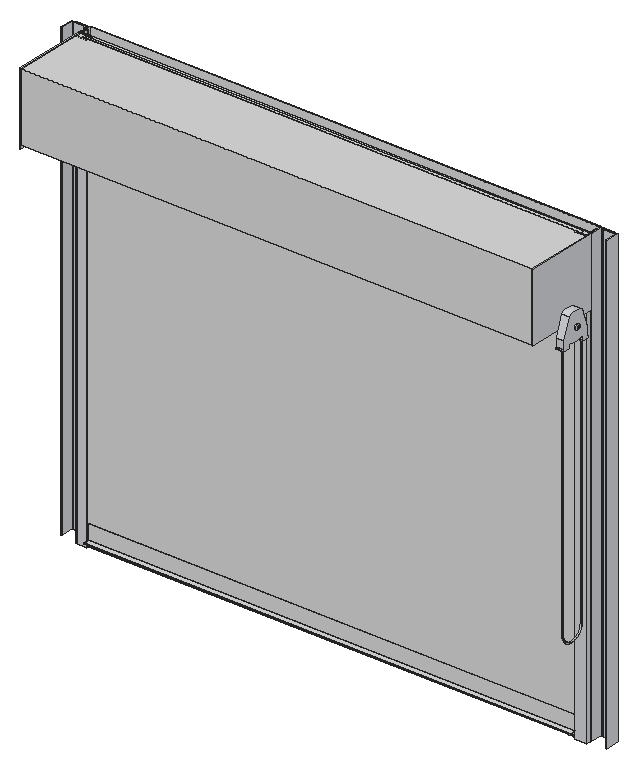
Revit family "Door-Thermiser_BetweenJambMount_CornellIron", category Doors, host Wall, Revit 2013
Parameters (values of type "Hand-Chain Operated Aluminum, clear anodized finish")
  Sizing Disclaimer = "30’ wide, 30’ high standard construction. Large Openings to 38’ wide, 40’ high consult factory. "  # constant formula
  Revit Object Download Link = "http://cornellcookson.smartbim.com/download/Door_Thermiser_BetweenJambMount_CornellIron"
  Product Options = "Insulated Doors muffle unwanted sound. STC 27"  # constant formula
  Optional Operator Cover Right = no
  Optional Operator Cover Left = no
  Mounting = "Between Jambs"  # constant formula
  URL Specifications = "http://www.cornelliron.com/docs/default-source/Specifications/specification_thermiser_insulated_service_doors_cornell.doc?sfvrsn=5"
  URL Photographs = "http://www.cornelliron.com/inspiration-customization/project-gallery"
  URL CAD = "http://www.cornelliron.com/architect-tools-and-resources/drawing-generator"
  Motor Operator = no
  Function = Interior
  Curtain 3" slats filled w. 7/8" insulation = Aluminum, clear anodized finish (curtain only)
  Hand Chain = yes
  Bottom Bar = Aluminum, clear anodized finish (non curtain components)
  Guides = Aluminum, clear anodized finish (non curtain components)
  Hood = Aluminum, clear anodized finish (non curtain components)
  URL = "http://www.cornelliron.com/product/thermiser-insulated-doors"
  Subcategory = "Overhead Doors"  # constant formula
  Optional aluminum, color anodized finish = no
  Wall Construction = "Masonry, Steel or Wood"  # constant formula
  Operator = Operator : Hand-Chain
  Representative Disclaimer = "Cornell products are sold and installed through a nationwide network of independent distributors."  # constant formula
  Distributor Locator = "http://www.cornelliron.com/contact-us"
  Operator Width = (Width - 2 * 0' 3 1/4") + 0' 3 7/16" * 2  # 12' - 0 3/8"
  Operation = ""
  From Coil Side Operate on Right = yes
  From Coil Side Operate on Left = not(From Coil Side Operate on Right)  # no
  Model = "ESD20 "  # constant formula
  Manufacturer = "Cornell Iron Works"  # constant formula
  LEED Information = "http://www.cornelliron.com/architect-tools-and-resources/leed-information"
  Height = 10' - 0"
  Wall Closure = By host
  Width = 12' - 0"
  Description = "Built to order Thermiser® insulated rolling doors maintain different temperatures on each side of the door. "  # constant formula
  Operator Height = Height / 1.5  # 6' - 8"
  Assembly Code = "B2030410"
  Air Infiltration / Code Compliance = "Complies with ASHRAE 90.1 and 2012 IECC® (International Energy Conservation Code) requirements or less than .3 CFM/FT2.  Air infiltration rate of .27 CFM/FT2 validated by an independent testing agency for Face of Wall mounting configuration.  Test report to be made available upon request."  # constant formula
  ASHRAE and IECC 2012 Compliance = "Foam Block in Guides with Lintel Seal inserted with Vinyl.  Meets ASHRAE 90.1 and IECC 2012 air infitration requirements of less than .3 CFM/FT2.  (Face of Wall mounted configuration. Test results available upon request.)"  # constant formula
  95 CSI = "08330"  # constant formula
  Windload = "A full range of specific wind load requirements available- Consult Cornell. "  # constant formula
  Sound Transmission Class Rating = "The Sound Transmission Class (STC) rating for Thermise Max is up to 30 for the curtain and up to 22 for the entire assembly, as tested per ASTM E90, based on testing a complete, operable assembly. STC 32 Superimposed/double insulated curtain assemblies (also available) are tested per ASTM E90, based on testing a complete, operable door assembly."  # constant formula
  Optional Powder Coated Finish, standard RAL colors, Galv. Steel and Aluminum only = no
  Coil Dimension Note = "17” to 30” -  Consult Cornell when dimensions are critical."  # constant formula
  Jamb Dimension Note = "7 3/4” to 11” wide. Consult Cornell when dimensions are critical."  # constant formula
  04 CSI = "08 33 00"  # constant formula
  Cost Note = "Based on size, materials selected. Consult Cornell."  # constant formula
Types (8): name | Motor Operator | Curtain 3" slats filled w. 7/8" insulation | Hand Chain | Bottom Bar | Guides | Hood | Operator | From Coil Side Operate on Right | From Coil Side Operate on Left
  Hand-Chain Operated Galvanized Steel | no | Galvanized steel (curtain only) | yes | Galvanized or powder coated plain steel (non curtain components) | Galvanized or powder coated plain steel (non curtain components) | Galvanized or powder coated plain steel (non curtain components) | Operator : Hand-Chain | yes | no
  Hand-Chain Operated Stainless steel | no | none | yes | Stainless steel (non curtain components) | Stainless steel (non curtain components) | Stainless steel (non curtain components) | Operator : Hand-Chain | yes | no
  Motor Operated Galvanized Steel | yes | Galvanized steel (curtain only) | no | Galvanized or powder coated plain steel (non curtain components) | Galvanized or powder coated plain steel (non curtain components) | Galvanized or powder coated plain steel (non curtain components) | Operator : Motor Operator | yes | no
  Motor Operated Stainless Steel | yes | none | no | Stainless steel (non curtain components) | Stainless steel (non curtain components) | Stainless steel (non curtain components) | Operator : Motor Operator | no | yes
  Hand-Chain Operated Aluminum, mill finish | no | Aluminum, mill finish (curtain only) | yes | Aluminum, mill finish (non curtain components) | Aluminum, mill finish (non curtain components) | Aluminum, mill finish (non curtain components) | Operator : Hand-Chain | yes | no
  Hand-Chain Operated Aluminum, clear anodized finish | no | Aluminum, clear anodized finish (curtain only) | yes | Aluminum, clear anodized finish (non curtain components) | Aluminum, clear anodized finish (non curtain components) | Aluminum, clear anodized finish (non curtain components) | Operator : Hand-Chain | yes | no
  Motor Operated Aluminum, clear anodized finish | yes | Aluminum, clear anodized finish (curtain only) | no | Aluminum, clear anodized finish (non curtain components) | Aluminum, clear anodized finish (non curtain components) | Aluminum, clear anodized finish (non curtain components) | Operator : Motor Operator | yes | no
  Motor Operated Aluminum, mill finish | yes | Aluminum, mill finish (curtain only) | no | Aluminum, mill finish (non curtain components) | Aluminum, mill finish (non curtain components) | Aluminum, mill finish (non curtain components) | Operator : Motor Operator | yes | no
Reference planes (in)
  plane 1 "Center (Front/Back)": y = 0
  plane 2 "Center (Left/Right)": x = 36
  plane 3 "Left": x = -36
  plane 4 "Right": x = 108
  plane 5 "Top": z = 120
  plane 6 "Wall Edge": y = -4
  plane 7 "Left Edge of Hood": x = -42.75
  plane 8: y = -4
  plane 9 "Right Edge of Hood": x = 114.75
  plane 10 "Bottom Bar Alignment": y = -5.8765
  plane 11: y = -2.12013
  plane 12: x = -29.74865
  plane 13: x = 101.74865
  plane 14: x = -31.0625
  plane 15: z = 5.53516
  plane 16: x = 105.75
  plane 17: y = -11.65733
  plane 18: y = -19.31465
  plane 19: z = 102
  plane 20: x = -39
  plane 21: y = -33.25
  plane 22: y = -21.875
  plane 23: y = -1.12488
  plane 24: z = 102
  plane 25: y = -5.5
Forms (in)
  Sweep 1, solid, material "Aluminum, clear anodized finish (non curtain components)" <- "Hood"
    path origin (0, -4, -11) x (-1, 0, 0) y (0, 0, 1)
      loop
        line (-103.4375, 124.35156) -> (31.438, 124.35156)
    profile "Profile_Hood : Profile_Hood" origin (35.99975, -4, 113.35156) x (0, 0, 1) y (0, 1, 0)
      loop
        line (6.64844, -17.875) -> (6.64844, 1.875) -> (-11.35156, 1.875) -> (-11.35156, -17.875) -> (6.64844, -17.875)
  Sweep 2, solid, material "Aluminum, clear anodized finish (non curtain components)" <- "Bottom Bar"
    path origin (-37.26514, -4, 47.99916) x (-1, 0, 0) y (0, 0, 1)
      loop
        line (-137.51514, -48) -> (-9.01514, -48)
    profile "Profile_BottomBar : Profile_BottomBar" origin (36, -4, -0.00084) x (0, 0, 1) y (0, 1, 0)
      loop
        line (1.84214, 1.28791) -> (1.60324, 2.77486)
        arc (1.60324, 2.77486) -> (1.57787, 2.80943) -> (1.535, 2.80903) r 0.047
        line (1.535, 2.80903) -> (1.535, 2.61332) -> (1.75124, 1.26741) -> (0.453, 1.26741)
        arc (0.453, 1.26741) -> (0.33587, 1.252) -> (0.22671, 1.20684) r 0.453
        arc (0.22671, 1.20684) -> (0.12854, 1.13053) -> (0.05482, 1.03042) r 0.453
        arc (0.05482, 1.03042) -> (0.00923, 0.90541) -> (0.00194, 0.77254) r 0.453
        arc (0.00194, 0.77254) -> (0.03976, 0.62881) -> (0.12207, 0.50506) r 0.453
        arc (0.12207, 0.50506) -> (0.1705, 0.46028) -> (0.22493, 0.42301) r 0.453
        arc (0.22493, 0.42301) -> (0.33488, 0.37708) -> (0.453, 0.36141) r 0.453
        line (0.453, 0.36141) -> (1.629, 0.36141) -> (1.629, -1.04659)
        arc (1.629, -1.04659) -> (1.61992, -1.06851) -> (1.598, -1.07759) r 0.031
        line (1.598, -1.07759) -> (1.566, -1.07759)
        arc (1.566, -1.07759) -> (1.54408, -1.08667) -> (1.535, -1.10859) r 0.031
        line (1.535, -1.10859) -> (1.535, -1.17009)
        arc (1.535, -1.17009) -> (1.54877, -1.20333) -> (1.582, -1.21709) r 0.047
        line (1.582, -1.21709) -> (1.676, -1.21709)
        arc (1.676, -1.21709) -> (1.70923, -1.20333) -> (1.723, -1.17009) r 0.047
        line (1.723, -1.17009) -> (1.723, 0.34491) -> (5.536, 0.34491) -> (5.536, 1.28791) -> (1.84214, 1.28791)
  Extrusion 3, solid, material "Aluminum, clear anodized finish (non curtain components)" <- "Hood"
    sketch origin (0, -0.73439, 101.99245) x (1, 0, 0) y (0, 1, 0)
      loop
        line (-31.0625, 1.48439) -> (103.063, 1.48439) -> (103.063, 1.60939) -> (-31.0625, 1.60939) -> (-31.0625, 1.48439)
    from 0.00755 to 18.00755
  Extrusion 4, solid, material "Aluminum, clear anodized finish (curtain only)" <- "Curtain 3" slats filled w. 7/8" insulation"
    sketch origin (10, 0, 0) x (1, 0, 0) y (0, 1, 0)
      loop
        line (-39.74865, -2.875) -> (-39.74865, -3.5) -> (91.74865, -3.5) -> (91.74865, -2.875) -> (-39.74865, -2.875)
    from 5.53516 to 120
Lines and regions (in)
  Opening 1
    outline origin (-98, -4, 0) x (1, 0, 0) y (0, 0, 1)
      loop
        line (62, 0) -> (206, 0) -> (206, 120) -> (62, 120) -> (62, 0)
  symbolic lines, style "Roller Chamber"
    curve 1: line (-31.438, -4, 0) -> (-36, -4, 0)
    curve 2: line (108, -4, 0) -> (103.4375, -4, 0)
  symbolic lines, style "Doors"
    curve 3: line (-28.25, -1.18559, 0) -> (-28.25, -2.875, 0)
    curve 4: line (100.25, -1.18559, 0) -> (-28.25, -1.18559, 0)
    curve 5: line (100.25, -1.18559, 0) -> (100.25, -2.875, 0)
    curve 6: line (-29.74865, -2.875, 0) -> (101.74865, -2.875, 0)
    curve 7: line (-29.74865, -3.5, 0) -> (-29.74865, -2.875, 0)
    curve 8: line (101.74865, -3.5, 0) -> (-29.74865, -3.5, 0)
    curve 9: line (101.74865, -2.875, 0) -> (101.74865, -3.5, 0)
    curve 10: line (100.25, -3.5, 0) -> (100.25, -5.21709, 0)
    curve 11: line (-28.25, -3.5, 0) -> (-28.25, -5.21709, 0)
    curve 12: line (-28.25, -5.21709, 0) -> (100.25, -5.21709, 0)
Text (in)
  text "Exterior" at (-74.96733, 27.31104, 0), in view "Ref. Level"
  text "Interior" at (-74.96733, -25.14366, 0), in view "Ref. Level"
  text "Exterior" at (0, 40.15149, 123.01588), in view "Right"
  text "Interior" at (0, -64.39139, 123.01588), in view "Right"
  text "Interior" at (0, -63.63426, 123.00693), in view "Left"
  text "Exterior" at (0, 54.57065, 123.00693), in view "Left"
Dimensions and locks (in)
  equal spacing: plane 3 "Left", plane 2 "Center (Left/Right)", plane 4 "Right"
  "Height": level to plane 5 "Top"
  "Width": plane 3 "Left" to plane 4 "Right"
  locked: plane 7 "Left Edge of Hood" to plane 3 "Left" at 6.75
  locked: plane 8 to plane 6 "Wall Edge"
  locked: plane 9 "Right Edge of Hood" to plane 4 "Right" at 6.75
  locked: plane 10 "Bottom Bar Alignment" to plane 8 at 1.8765
  locked: plane 11 to host wall at 2.12013
  locked: plane 3 "Left" to plane 12 at 6.25135
  locked: plane 13 to plane 4 "Right" at 6.25135
  locked: Extrusion 3 sketch curve to Extrusion 3 sketch curve at 0.125
  locked: Extrusion 3 to Extrusion 3 at 0.125
  locked: plane 14 to plane 12 at 1.31385
  locked: level to plane 15 at 5.53516
  Sweep 1 to plane 16 to plane 4 "Right" = 0' - 2 5/16", 0' - 2 1/4"
  equal spacing: plane 6 "Wall Edge", plane 17, plane 18
  locked: plane 8 to plane 18 at 15.31465
  plane 20 to plane 3 "Left" to Sweep 1 = 0' - 3", 0' - 4.562"
  plane 14 to Extrusion 4 sketch curve = 0' - 1.31385"
  locked: Extrusion 4 sketch curve to Extrusion 4 sketch curve at 0.625
  locked: plane 22 to plane 21 at 11.375
  locked: host wall to plane 22 at 17.875
  locked: plane 5 "Top" to plane 24 at 18
  plane 24 to level = 8' - 6"
  locked: Extrusion 4 sketch curve to nested 2 at 0.5
  locked: plane 19 to plane 5 "Top" at 18
  plane 3 "Left" to plane 4 "Right" = 12' - 0"
  locked: plane 3 "Left" to Sweep 1 sketch curve at 4.562
  locked: Sweep 1 sketch curve to plane 4 "Right" at 4.5625
  aligned and locked: plane 3 "Left" to Opening 1 sketch curve
  aligned and locked: plane 5 "Top" to Opening 1 sketch curve  (x2)
  aligned and locked: Opening 1 sketch curve to plane 4 "Right"
  aligned and locked: Opening 1 sketch curve to level
  aligned and locked: plane 6 "Wall Edge" to host wall
  aligned and locked: plane 8 to nested 1
  aligned and locked: plane 8 to nested 2
  aligned and locked: nested 2 to Sweep 2 sketch curve
  aligned and locked: nested 1 to Sweep 2 sketch curve
  aligned and locked: plane 3 "Left" to curve 1
  aligned and locked: Sweep 1 to curve 1
  aligned and locked: plane 6 "Wall Edge" to curve 1
  aligned and locked: plane 4 "Right" to curve 2
  aligned and locked: curve 2 to plane 6 "Wall Edge"
  aligned and locked: plane 19 to Extrusion 3
  aligned and locked: Extrusion 3 to plane 5 "Top"
  aligned and locked: Sweep 1 to curve 2
  aligned: nested 1 to plane 3 "Left"
  aligned and locked: nested 2 to plane 4 "Right"
  aligned and locked: plane 15 to Sweep 2
  aligned and locked: Extrusion 4 to plane 13
  aligned and locked: plane 12 to Extrusion 4
  aligned: nested 3 to plane 24
  aligned and locked: plane 14 to Extrusion 3
  aligned and locked: Extrusion 4 to plane 5 "Top"
  aligned: nested 3 to plane 22
  aligned and locked: Extrusion 3 sketch curve to nested 2
  aligned and locked: Extrusion 4 to plane 15
  aligned: nested 4 to Sweep 1
  aligned: nested 4 to nested 3
  aligned: nested 5 to nested 3  (x2)
  aligned: nested 3 to nested 5
  aligned: nested 5 to Sweep 1
  aligned: plane 2 "Center (Left/Right)" to nested 3
  aligned and locked: Sweep 1 to nested 4
  aligned and locked: nested 4 to nested 2
  aligned and locked: nested 3 to Sweep 1  (x2)
  aligned and locked: plane 5 "Top" to nested 3
  aligned and locked: nested 4 to plane 5 "Top"
  aligned and locked: nested 5 to Sweep 1  (x2)
  aligned and locked: nested 5 to plane 5 "Top"
  aligned and locked: nested 1 to plane 3 "Left"
  aligned and locked: nested 1 to level
  aligned and locked: level to nested 2
  aligned and locked: Sweep 1 to plane 5 "Top"
  aligned and locked: curve 5 to Sweep 2
Automatic sketch dimensions
  Sweep 1 sketch curve to plane 19 = 0' - 11 45/128"
  Sweep 2 sketch curve to level = 0' - 0.00084"
  Extrusion 3 sketch curve to plane 14 = 0' - 0"
  plane 13 to Extrusion 3 sketch curve = 0' - 1.31435"
  plane 13 to Extrusion 4 sketch curve = 0' - 0"
  curve 6 to plane 12 = 0' - 0"
  curve 9 to plane 13 = 0' - 0"
  curve 7 to host wall = 0' - 0 1/2"
  plane 23 to curve 4 = 0' - 0.06072"
  curve 4 to plane 12 = 0' - 1.49865"
  curve 12 to plane 10 "Bottom Bar Alignment" = 0' - 0.65941"
  curve 8 to curve 6 = 0' - 0 5/8"
  curve 10 to plane 13 = 0' - 1.49865"
  curve 11 to plane 12 = 0' - 1.49865"
Nested families (in)
  nested 1: "Jamb_Guide-Wall" at (-33.75, 0.5, 0), type "Guide"
  nested 2: "Jamb_Guide-Wall" at (105.75, 0.5, 0) x (-1, 0, 0) z (0, 0, 1), type "Guide"
  nested 3: "Operator" at (35.9995, -2.125, 31.5), type <- "Operator", type "Hand-Chain"
    with Optional Operator Cover Right no
  nested 4: "Palte_CornellIron" at (103.563, -11.875, 83.62409), type "Right Plate"
    with Plate no
  nested 5: "Palte_CornellIron" at (-31.563, -11.875, 83.62409), type "Left Plate"
    with Plate yes
Definition of nested family "Jamb_Guide-Wall"
  Parameters (values of type "Guide")
    Height = 10' - 0"
    Guide = Aluminum, clear anodized finish (non curtain components)
    Assembly Code = ""
  Reference planes (in)
    plane 1 "Center (Front/Back)": y = 0
    plane 2: z = 0
    plane 3 "Center (Left/Right)": x = 0.0625
    plane 4: z = 120
    plane 5 "Center Line": x = 2.3125
    plane 6: y = -0.25
    plane 7: x = 5.5
    plane 8: x = -2.25
    plane 9: y = 0.25
    plane 10: y = -4.5
    plane 11: y = -2.25
  Forms (in)
    Extrusion 1, solid, material "Aluminum, clear anodized finish (non curtain components)" <- "Guide"
      sketch origin (-14.10276, 14.79848, 0) x (1, 0, 0) y (0, 1, 0)
        loop
          line (12.10276, -18.17348) -> (12.10276, -15.17348)
          arc (12.10276, -15.17348) -> (12.13937, -15.08509) -> (12.22776, -15.04848) r 0.125
          line (12.22776, -15.04848) -> (15.22776, -15.04848)
          arc (15.22776, -15.04848) -> (15.31614, -15.01187) -> (15.35276, -14.92348) r 0.125
          line (15.35276, -14.92348) -> (15.35276, -14.79848) -> (11.85276, -14.79848) -> (11.85276, -18.29848) -> (11.97776, -18.29848)
          arc (11.97776, -18.29848) -> (12.06614, -18.26187) -> (12.10276, -18.17348) r 0.125
      from 0 to 120
    Extrusion 2, solid, material "Aluminum, clear anodized finish (non curtain components)" <- "Guide"
      sketch origin (-14.10276, 14.79848, 0) x (1, 0, 0) y (0, 1, 0)
        loop
          line (13.03976, -14.79848) -> (16.03976, -14.79848)
          arc (16.03976, -14.79848) -> (16.12814, -14.83509) -> (16.16476, -14.92348) r 0.125
          line (16.16476, -14.92348) -> (16.16476, -17.92348)
          arc (16.16476, -17.92348) -> (16.20137, -18.01187) -> (16.28976, -18.04848) r 0.125
          line (16.28976, -18.04848) -> (16.41476, -18.04848) -> (16.41476, -14.54848) -> (12.91476, -14.54848) -> (12.91476, -14.67348)
          arc (12.91476, -14.67348) -> (12.95137, -14.76187) -> (13.03976, -14.79848) r 0.125
      from 0 to 120
    Extrusion 3, solid, material "Aluminum, clear anodized finish (non curtain components)" <- "Guide"
      sketch origin (0, 0, 0) x (1, 0, 0) y (0, 1, 0)
        loop
          line (2.4995, -2.9375) -> (5.4995, -2.9375) -> (5.4995, -2.84375)
          arc (5.4995, -2.84375) -> (5.47204, -2.77746) -> (5.40575, -2.75) r 0.09375
          line (5.40575, -2.75) -> (2.78075, -2.75)
          arc (2.78075, -2.75) -> (2.71446, -2.72254) -> (2.687, -2.65625) r 0.09375
          line (2.687, -2.65625) -> (2.687, -1.03125)
          arc (2.687, -1.03125) -> (2.65954, -0.96496) -> (2.59325, -0.9375) r 0.09375
          line (2.59325, -0.9375) -> (2.4995, -0.9375) -> (2.4995, -2.9375)
      from 0 to 120
    Extrusion 4, solid, material "Aluminum, clear anodized finish (non curtain components)" <- "Guide"
      sketch origin (0, 0, 0) x (1, 0, 0) y (0, 1, 0)
        loop
          line (5.21825, -4.3125) -> (2.59325, -4.3125)
          arc (2.59325, -4.3125) -> (2.52696, -4.28504) -> (2.4995, -4.21875) r 0.09375
          line (2.4995, -4.21875) -> (2.4995, -1.59375)
          arc (2.4995, -1.59375) -> (2.47204, -1.52746) -> (2.40575, -1.5) r 0.09375
          line (2.40575, -1.5) -> (2.312, -1.5) -> (2.312, -4.5) -> (5.312, -4.5) -> (5.312, -4.40625)
          arc (5.312, -4.40625) -> (5.28454, -4.33996) -> (5.21825, -4.3125) r 0.09375
      from 0 to 120
  Lines and regions (in)
    symbolic lines, style "GenericModel"
      curve 1: line (-2.25, 0, 0) -> (-2.25, -3.5, 0)
      curve 2: line (1.25, 0, 0) -> (-2.25, 0, 0)
      curve 3: line (-1.875, -0.25, 0) -> (1.125, -0.25, 0)
      curve 4: line (-2, -3.375, 0) -> (-2, -0.375, 0)
      curve 5: line (-2.25, -3.5, 0) -> (-2.125, -3.5, 0)
      curve 6: arc (-2.125, -3.5, 0) -> (-2.03661, -3.46339, 0) -> (-2, -3.375, 0) r 0.125
      curve 7: arc (-2, -0.375, 0) -> (-1.96339, -0.28661, 0) -> (-1.875, -0.25, 0) r 0.125
      curve 8: arc (1.125, -0.25, 0) -> (1.21339, -0.21339, 0) -> (1.25, -0.125, 0) r 0.125
      curve 9: line (1.25, -0.125, 0) -> (1.25, 0, 0)
      curve 10: line (-1.188, 0.25, 0) -> (-1.188, 0.125, 0)
      curve 11: line (2.312, 0.25, 0) -> (-1.188, 0.25, 0)
      curve 12: line (2.312, -3.25, 0) -> (2.312, 0.25, 0)
      curve 13: line (2.062, -0.125, 0) -> (2.062, -3.125, 0)
      curve 14: arc (1.937, 0, 0) -> (2.02539, -0.03661, 0) -> (2.062, -0.125, 0) r 0.125
      curve 15: arc (2.062, -3.125, 0) -> (2.09861, -3.21339, 0) -> (2.187, -3.25, 0) r 0.125
      curve 16: line (2.187, -3.25, 0) -> (2.312, -3.25, 0)
      curve 17: line (2.312, -1.5, 0) -> (2.312, -4.5, 0)
      curve 18: line (2.4995, -4.21875, 0) -> (2.4995, -1.59375, 0)
      curve 19: line (5.21825, -4.3125, 0) -> (2.59325, -4.3125, 0)
      curve 20: line (2.312, -4.5, 0) -> (5.312, -4.5, 0)
      curve 21: arc (2.59325, -4.3125, 0) -> (2.52696, -4.28504, 0) -> (2.4995, -4.21875, 0) r 0.09375
      curve 22: arc (5.312, -4.40625, 0) -> (5.28454, -4.33996, 0) -> (5.21825, -4.3125, 0) r 0.09375
      curve 23: line (5.312, -4.5, 0) -> (5.312, -4.40625, 0)
      curve 24: line (2.4995, -2.9375, 0) -> (5.4995, -2.9375, 0)
      curve 25: line (2.4995, -0.9375, 0) -> (2.4995, -2.9375, 0)
      curve 26: line (2.687, -2.65625, 0) -> (2.687, -1.03125, 0)
      curve 27: line (5.40575, -2.75, 0) -> (2.78075, -2.75, 0)
      curve 28: line (5.4995, -2.9375, 0) -> (5.4995, -2.84375, 0)
      curve 29: arc (5.4995, -2.84375, 0) -> (5.47204, -2.77746, 0) -> (5.40575, -2.75, 0) r 0.09375
      curve 30: arc (2.78075, -2.75, 0) -> (2.71446, -2.72254, 0) -> (2.687, -2.65625, 0) r 0.09375
      curve 31: arc (2.687, -1.03125, 0) -> (2.65954, -0.96496, 0) -> (2.59325, -0.9375, 0) r 0.09375
      curve 32: line (2.59325, -0.9375, 0) -> (2.4995, -0.9375, 0)
      curve 33: arc (-1.188, 0.125, 0) -> (-1.15139, 0.03661, 0) -> (-1.063, 0, 0) r 0.125
      curve 34: arc (1.937, 0, 0) -> (2.02539, -0.03661, 0) -> (2.062, -0.125, 0) r 0.125
      curve 35: line (-1.063, 0, 0) -> (1.937, 0, 0)
  Dimensions and locks (in)
    "Height": plane 4 to plane 2
    aligned and locked: plane 2 to level
    aligned and locked: Extrusion 1 to level
    aligned and locked: plane 4 to Extrusion 1
    aligned and locked: plane 4 to Extrusion 2
    aligned and locked: Extrusion 2 to level
    aligned and locked: Extrusion 3 to level
    aligned and locked: plane 4 to Extrusion 3
    aligned and locked: Extrusion 4 to level
    aligned and locked: plane 4 to Extrusion 4
    aligned and locked: curve 1 to Extrusion 1
    aligned and locked: curve 2 to Extrusion 1
    aligned and locked: curve 3 to Extrusion 1
    aligned and locked: curve 4 to Extrusion 1
    aligned and locked: curve 5 to Extrusion 1
    aligned and locked: curve 6 to Extrusion 1
    aligned and locked: curve 7 to Extrusion 1
    aligned and locked: curve 8 to Extrusion 1
    aligned and locked: curve 9 to Extrusion 1
    aligned and locked: curve 10 to Extrusion 2
    aligned and locked: curve 11 to Extrusion 2
    aligned and locked: curve 12 to Extrusion 2
    aligned and locked: curve 13 to Extrusion 2
    aligned and locked: curve 14 to Extrusion 2
    aligned and locked: curve 15 to Extrusion 2
    aligned and locked: curve 16 to Extrusion 2
    aligned and locked: curve 17 to Extrusion 4
    aligned and locked: curve 18 to Extrusion 4
    aligned and locked: curve 19 to Extrusion 4
    aligned and locked: curve 20 to Extrusion 4
    aligned and locked: curve 21 to Extrusion 4
    aligned and locked: curve 22 to Extrusion 4
    aligned and locked: curve 23 to Extrusion 4
    aligned and locked: curve 24 to Extrusion 3
    aligned and locked: curve 25 to Extrusion 3
    aligned and locked: curve 26 to Extrusion 3
    aligned and locked: curve 27 to Extrusion 3
    aligned and locked: curve 28 to Extrusion 3
    aligned and locked: curve 29 to Extrusion 3
    aligned and locked: curve 30 to Extrusion 3
    aligned and locked: curve 31 to Extrusion 3
    aligned and locked: curve 32 to Extrusion 3
    aligned and locked: curve 33 to Extrusion 2
    aligned and locked: curve 34 to Extrusion 2
    aligned and locked: curve 35 to Extrusion 2
  Automatic sketch dimensions
    Extrusion 1 sketch curve to plane 7 = 0' - 7 3/4"
    Extrusion 1 sketch curve to Extrusion 1 sketch curve = 0' - 0 1/8"  (x4)
    Extrusion 1 sketch curve to Extrusion 1 sketch curve = 0' - 0 1/4"
    Extrusion 1 sketch curve to Extrusion 1 sketch curve = 0' - 3"  (x2)
    plane 10 to Extrusion 1 sketch curve = 0' - 1"
    Extrusion 2 sketch curve to plane 9 = 0' - 0"
    Extrusion 2 sketch curve to plane 1 "Center (Front/Back)" = 0' - 0"
    plane 8 to Extrusion 2 sketch curve = 0' - 1.062"
    Extrusion 2 sketch curve to Extrusion 2 sketch curve = 0' - 0 1/8"  (x3)
    Extrusion 2 sketch curve to plane 5 "Center Line" = 0' - 0.3755"
    plane 5 "Center Line" to Extrusion 3 sketch curve = 0' - 0.187"
    Extrusion 3 sketch curve to Extrusion 3 sketch curve = 0' - 0 3/32"  (x4)
    Extrusion 3 sketch curve to plane 7 = 0' - 0.09425"
    Extrusion 3 sketch curve to plane 7 = 0' - 0.0005"
    Extrusion 3 sketch curve to plane 11 = 0' - 0 11/16"
    Extrusion 3 sketch curve to plane 6 = 0' - 0 25/32"
    Extrusion 2 sketch curve to plane 5 "Center Line" = 0' - 0.0005"
    Extrusion 2 sketch curve to plane 11 = 0' - 0 7/8"
    Extrusion 4 sketch curve to plane 10 = 0' - 0"
    Extrusion 4 sketch curve to plane 5 "Center Line" = 0' - 0.0005"
    plane 5 "Center Line" to Extrusion 4 sketch curve = 0' - 0.09325"
    plane 5 "Center Line" to Extrusion 4 sketch curve = 0' - 0.187"
    Extrusion 4 sketch curve to Extrusion 4 sketch curve = 0' - 0 3/32"  (x2)
    Extrusion 4 sketch curve to plane 7 = 0' - 0.28175"
    plane 10 to Extrusion 4 sketch curve = 0' - 0 3/32"
    plane 11 to Extrusion 4 sketch curve = 0' - 0 21/32"
    plane 1 "Center (Front/Back)" to curve 2 = 0' - 0"
    curve 2 to plane 8 = 0' - 0"
    curve 2 to plane 5 "Center Line" = 0' - 1 1/16"
    plane 10 to curve 1 = 0' - 1"
    curve 3 to plane 6 = 0' - 0"
    curve 1 to curve 5 = 0' - 0 1/8"
    curve 4 to curve 3 = 0' - 0 1/8"
    curve 3 to curve 2 = 0' - 0 1/8"
    curve 5 to curve 4 = 0' - 0 1/8"
    curve 11 to plane 9 = 0' - 0"
    plane 8 to curve 11 = 0' - 1.062"
    curve 11 to plane 5 "Center Line" = 0' - 0.0005"
    curve 10 to plane 1 "Center (Front/Back)" = 0' - 0 1/8"
    curve 12 to plane 11 = 0' - 1"
    curve 13 to plane 5 "Center Line" = 0' - 0.2505"
    plane 1 "Center (Front/Back)" to curve 13 = 0' - 0 1/8"
    plane 1 "Center (Front/Back)" to curve 14 = 0' - 0"
    curve 12 to curve 13 = 0' - 0 1/8"
    curve 20 to plane 10 = 0' - 0"
    curve 20 to plane 5 "Center Line" = 0' - 0.0005"
    plane 5 "Center Line" to curve 18 = 0' - 0.187"
    curve 20 to plane 7 = 0' - 0.188"
    plane 10 to curve 19 = 0' - 0 3/16"
    curve 19 to curve 18 = 0' - 0 3/32"
    plane 11 to curve 18 = 0' - 0 21/32"
    curve 18 to curve 17 = 0' - 0 3/32"
    plane 10 to curve 22 = 0' - 0 3/32"
    curve 24 to plane 7 = 0' - 0.0005"
    curve 15 to curve 24 = 0' - 0 3/16"
    plane 5 "Center Line" to curve 25 = 0' - 0.187"
    curve 17 to curve 25 = 0' - 0 9/16"
    curve 24 to curve 28 = 0' - 0 3/32"
    curve 28 to curve 27 = 0' - 0 3/32"
    curve 27 to curve 26 = 0' - 0 3/32"
    curve 26 to curve 25 = 0' - 0 3/32"
    curve 25 to curve 31 = 0' - 0 3/32"
    curve 35 to curve 33 = 0' - 0"
Definition of nested family "Operator"
  Parameters (values of type "Motor Operator")
    Width = 12' - 0 3/8"
    Straight = no
    Right Visibility = yes
    Optional Operator Cover Right = yes
    Optional Operator Cover Left = no
    Operator Height = 6' - 8"
    Motor Visibility = not(Motor)  # yes
    Motor = no
    Material = Aluminum, clear anodized finish (non curtain components)
    Left Visibility = no
    Chain = no
    Bottom Bar = Aluminum, clear anodized finish (non curtain components)
    Assembly Code = ""
  Types (2): name | Straight | Chain
    Hand-Chain | yes | yes
    Motor Operator | no | no
  Reference planes (in)
    plane 1 "Center (Front/Back)": y = 0
    plane 2: z = 0
    plane 3 "Center (Left/Right)": x = 0
    plane 4: x = 72.1875
    plane 5: x = -72.1875
    plane 6: x = 67.4375
    plane 7: x = -67.4375
    plane 8: y = -18
    plane 9: z = 88.05919
  Forms (in)
    Extrusion 1, solid, material "Aluminum, clear anodized finish (non curtain components)" <- "Material", visible <- "Optional Operator Cover Right"
      sketch origin (73.3125, -8.5, 15.98274) x (1, 0, 0) y (0, 1, 0)
        loop
          line (-5.625, 8.5) -> (-5.625, 8.25) -> (-1.5, 8.25) -> (-1.5, -11) -> (-5.625, -11) -> (-5.625, -11.25) -> (-1.25, -11.25) -> (-1.25, 8.5) -> (-5.625, 8.5)
      from 54.51726 to 72.51726
    Extrusion 2, solid, material "Aluminum, clear anodized finish (non curtain components)" <- "Material", visible <- "Optional Operator Cover Right"
      sketch origin (73.3125, -8.5, 15.98274) x (1, 0, 0) y (0, 1, 0)
        loop
          line (-1.5, -11) -> (-1.5, 8.25) -> (-5.625, 8.25) -> (-5.625, -11) -> (-1.5, -11)
      from 72.07644 to 72.51726
    Extrusion 3, solid, material "Aluminum, clear anodized finish (non curtain components)" <- "Material", visible <- "Optional Operator Cover Left"
      sketch origin (-73.3125, -10.25, 15.98274) x (-1, 0, 0) y (0, -1, 0)
        loop
          line (-5.625, -8.5) -> (-1.25, -8.5) -> (-1.25, 9.5) -> (-5.625, 9.5) -> (-5.625, 9.25) -> (-1.5, 9.25) -> (-1.5, -8.25) -> (-5.625, -8.25) -> (-5.625, -8.5)
      from 54.51726 to 72.51726
    Extrusion 4, solid, material "Aluminum, clear anodized finish (non curtain components)" <- "Material", visible <- "Optional Operator Cover Left"
      sketch origin (-73.3125, -10.25, 15.98274) x (-1, 0, 0) y (0, -1, 0)
        loop
          line (-1.5, 9.25) -> (-5.625, 9.25) -> (-5.625, -8.25) -> (-1.5, -8.25) -> (-1.5, 9.25)
      from 71.67269 to 72.51726
  Lines and regions (in)
    symbolic lines, style "GenericModelHiddenLines", visible <- "Right Visibility"
      curve 1: line (-67.4375, -19.75, 0) -> (46.4375, -19.75, 0)
    symbolic lines, style "GenericModelHiddenLines", visible <- "Left Visibility"
      curve 2: line (-46.4375, -19.75, 0) -> (67.6875, -19.75, 0)
    symbolic lines, style "GenericModelHiddenLines", visible <- "Straight"
      curve 3: line (-67.4375, -19.75, 0) -> (67.6875, -19.75, 0)
    symbolic lines, style "GenericModelHiddenLines", visible <- "Motor Visibility"
      curve 4: line (-67.4375, -19.75, 0) -> (67.6875, -19.75, 0)
    symbolic lines, style "GenericModelHiddenLines"
      curve 5: line (-67.4375, -19.75, 0) -> (-67.4375, -1.875, 0)
      curve 6: line (67.6875, -19.75, 0) -> (67.6875, -1.875, 0)
  Dimensions and locks (in)
    equal spacing: plane 5, plane 3 "Center (Left/Right)", plane 4
    "Width": plane 5 to plane 4
    locked: plane 6 to plane 4 at 4.75
    locked: plane 5 to plane 7 at 4.75
    locked: plane 1 "Center (Front/Back)" to plane 8 at 18
    locked: curve 5 to plane 1 "Center (Front/Back)" at 1.875
    locked: curve 6 to plane 1 "Center (Front/Back)" at 1.875
    locked: Extrusion 1 to plane 9 at 0.44081
    aligned and locked: nested 1 to plane 6
    aligned: nested 3 to plane 7
    aligned: plane 7 to nested 3
    aligned: plane 7 to nested 4  (x2)
    aligned and locked: nested 1 to nested 2
    aligned and locked: nested 2 to nested 1
    aligned and locked: nested 2 to curve 6
    aligned and locked: plane 7 to nested 4
    aligned and locked: curve 5 to plane 7
    aligned and locked: nested 3 to plane 7
    aligned: Extrusion 2 sketch curve to Extrusion 1
    aligned and locked: Extrusion 2 sketch curve to Extrusion 1  (x2)
    aligned and locked: Extrusion 4 sketch curve to Extrusion 3  (x2)
    aligned and locked: Extrusion 3 to Extrusion 4 sketch curve
    aligned and locked: curve 6 to Extrusion 2 sketch curve
    aligned and locked: curve 6 to Extrusion 1 sketch curve
    aligned and locked: Extrusion 1 to nested 1  (x2)
    aligned and locked: Extrusion 2 to nested 1
    aligned and locked: Extrusion 2 to plane 9
    aligned and locked: Extrusion 3 to nested 4
    aligned and locked: nested 4 to Extrusion 3
    aligned and locked: nested 4 to Extrusion 4
    aligned and locked: nested 4 to Extrusion 3 sketch curve
    aligned and locked: Extrusion 3 sketch curve to nested 4
  Automatic sketch dimensions
    curve 1 to plane 6 = 1' - 9"
    curve 6 to plane 8 = 0' - 1 3/4"
    curve 3 to curve 2 = 1' - 9"
    plane 4 to Extrusion 1 sketch curve = 0' - 4 1/2"
    Extrusion 1 sketch curve to Extrusion 1 sketch curve = 0' - 4 1/8"
    Extrusion 1 sketch curve to Extrusion 1 sketch curve = 0' - 0 1/4"  (x3)
    Extrusion 1 sketch curve to plane 8 = 0' - 1 3/4"
    plane 8 to Extrusion 1 sketch curve = 1' - 5 3/4"
    Extrusion 3 sketch curve to Extrusion 3 sketch curve = 0' - 4 1/8"
    Extrusion 3 sketch curve to Extrusion 3 sketch curve = 0' - 0 1/4"  (x3)
    plane 8 to Extrusion 3 sketch curve = 1' - 4 1/4"
    Extrusion 3 sketch curve to Extrusion 3 sketch curve = 1' - 5 1/2"
    Extrusion 4 sketch curve to Extrusion 4 sketch curve = 0' - 4 1/8"
    Extrusion 2 sketch curve to plane 8 = 0' - 1 1/2"
  Nested families (in)
    nested 1: "Pull-Down-Pole" at (73.3125, -8.5, 0), visible <- "Right Visibility", type "Right Operator"
      with Motor no, Chain no
    nested 2: "Motor" at (46.6875, -19.75, 0), visible <- "Right Visibility", type "Motor"
      with Motor no
    nested 3: "Motor" at (-67.4375, -19.75, 0), visible <- "Left Visibility", type "Motor 2"
      with Motor no
    nested 4: "Pull-Down-Pole" at (-73.3125, -8.5, 0) x (-1, 0, 0) z (0, 0, 1), visible <- "Left Visibility", type "Left Operator"
      with Motor no, Chain no
  Definition of nested family "Motor"
    Parameters (values of type "Motor 2")
      Motor = yes
      Assembly Code = ""
    Types (2): name
      Motor 2
      Motor
    Reference planes (in)
      plane 1 "Center (Front/Back)": y = 0
      plane 2: z = 0
      plane 3 "Center (Left/Right)": x = 0
    Lines and regions (in)
      symbolic lines, style "GenericModelHiddenLines", visible <- "Motor"
        curve 1: line (0, -1.75, 0) -> (0, -11.375, 0)
        curve 2: line (0, -11.375, 0) -> (21, -11.375, 0)
        curve 3: line (21, -11.375, 0) -> (21, -1.75, 0)
    Dimensions and locks (in)
      aligned: curve 1 to plane 3 "Center (Left/Right)"
Definition of nested family "Palte_CornellIron"
  Parameters (values of type "Right Plate")
    Width = 1' - 8"
    Material = Aluminum, clear anodized finish (non curtain components)
    Plate = yes
    Height = 1' - 7"
    Assembly Code = ""
  Types (2): name | Plate
    Right Plate | yes
    Left Plate | no
  Reference planes (in)
    plane 1 "Center (Front/Back)": y = 0
    plane 2: z = 0
    plane 3 "Center (Left/Right)": x = 0
    plane 4: z = 36.37591
    plane 5: z = 26.87591
    plane 6: z = 17.37591
    plane 7: y = -10
    plane 8: y = 10
    plane 9: x = -0.125
    plane 10: x = 0.125
  Forms (in)
    Extrusion 1, solid, material "Aluminum, clear anodized finish (non curtain components)" <- "Material", visible <- "Plate"
      sketch origin (78.5625, 12.76662, -83.62409) x (0, 1, 0) y (0, 0, -1)
        loop
          line (-2.76662, -101) -> (-22.76662, -101) -> (-22.76662, -120) -> (-2.76662, -120) -> (-2.76662, -101)
      from 78.4375 to 78.6875
  Dimensions and locks (in)
    equal spacing: plane 4, plane 5, plane 6
    "Width": plane 8 to plane 7
    "Height": plane 4 to plane 6
    equal spacing: plane 8, plane 1 "Center (Front/Back)", plane 7
    aligned and locked: plane 6 to Extrusion 1
    aligned and locked: plane 4 to Extrusion 1
    aligned and locked: plane 8 to Extrusion 1
    aligned and locked: plane 7 to Extrusion 1
    aligned and locked: plane 9 to Extrusion 1
    aligned and locked: Extrusion 1 to plane 10
  Automatic sketch dimensions
    Extrusion 1 sketch curve to plane 6 = 0' - 0"
    Extrusion 1 sketch curve to plane 4 = 0' - 0"
    plane 1 "Center (Front/Back)" to Extrusion 1 sketch curve = 0' - 10"
    Extrusion 1 sketch curve to plane 1 "Center (Front/Back)" = 0' - 10"
